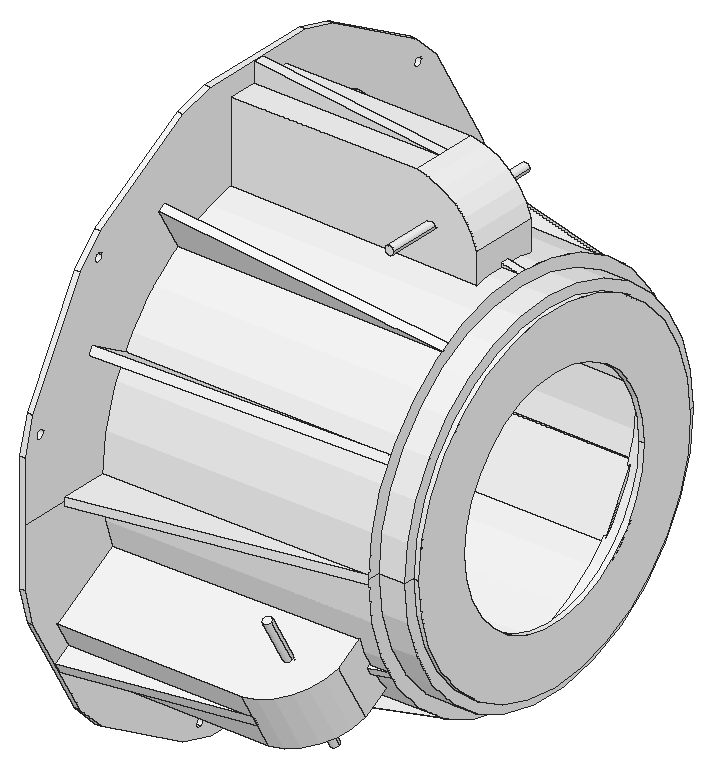
Revit family "L100-80S", category Pipe Accessories, Revit 2016
Family settings
  Part Type = Breaks Into
  Round Connector Dimension = Use Diameter
  Work Plane-Based = No
  Always vertical = No
  Cut with Voids When Loaded = No
  Shared = No
Parameters
  URL = "http://www.snapcollars.com"
  Model = "L80S-RR"
  Manufacturer = "Snap Fire Systems"
  Description = "The L80S-RR is a high-top, cast-in fire collar for concrete slabs 150mm and thicker."
Reference planes
  plane 1 "Center (Front/Back)": y = 0
  plane 2: z = 0
  plane 3 "Center (Left/Right)": x = -165
  plane 4: x = -230
  plane 5: x = -176.254
  plane 6: y = 90.593
  plane 7: y = -50
  plane 8: y = 100.593
  plane 9: y = -60
  plane 10: x = -195.933
  plane 11: x = -79.975
Forms (mm)
  Revolve 1, solid, material "PVC-White", detail levels medium+fine
    sketch origin (0, 0, 0) x (1, 0, 0) y (0, 1, 0)
      loop
        line (-227.967, -69.144) -> (-134.479, -68.001) -> (-134.479, -63.623) -> (-125, -63.623) -> (-125, -59.868) -> (-141.666, -59.594) -> (-141.666, -63.997) -> (-230, -65.169) -> (-230, -105) -> (-227.967, -105) -> (-227.967, -69.144)
      axis (-230, 0) -> (-125, 0)
    angle from 0 to 360
  Extrusion 2, void
    sketch origin (-227.967, 0, 0) x (0, 1, 0) y (0, 0, -1)
      loop
        line (-27.564, -102.871) -> (27.564, -102.871) -> (75.307, -75.307) -> (102.871, -27.564) -> (102.871, 27.564) -> (75.307, 75.307) -> (27.564, 102.871) -> (-27.564, 102.871) -> (-75.307, 75.307) -> (-102.871, 27.564) -> (-102.871, -27.564) -> (-75.307, -75.307) -> (-27.564, -102.871)
      loop
        circle (0, 0) r 118.785
    from 0 to 2.033
  Extrusion 3, void
    sketch origin (-227.967, 0, 0) x (0, 1, 0) y (0, 0, -1)
      loop
        circle (-70.697, -70.697) r 1.577
      loop
        circle (-96.574, -25.877) r 1.577
      loop
        circle (96.571, -25.888) r 1.577
      loop
        circle (70.689, -70.705) r 1.577
      loop
        circle (-25.877, 96.574) r 1.577
      loop
        circle (25.877, 96.574) r 1.577
    from 0 to 2.033
  Extrusion 4, solid, material "PVC-White", detail levels fine
    sketch origin (0, 0, 0) x (1, 0, 0) y (0, 0, 1)
      loop
        line (-134.479, 68.001) -> (-227.967, 86.048) -> (-227.967, 69.12) -> (-134.479, 68.001)
    from -1.5 to 1.5
  Extrusion 5, solid, material "PVC-White", detail levels medium+fine
    sketch origin (0, 0, 0) x (1, 0, 0) y (0, 0, 1)
      loop
        line (-227.967, 58.439) -> (-140.967, 58.439) -> (-140.967, 77.244)
        arc (-140.967, 77.244) -> (-148.679, 90.01) -> (-162.316, 96.048) r 24.811
        line (-162.316, 96.048) -> (-227.967, 96.048) -> (-227.967, 58.439)
    from -12 to 12
  Extrusion 6, solid, material "PVC-White", detail levels medium+fine
    sketch origin (0, 0, 0) x (1, 0, 0) y (0, -0.866025, -0.5)
      loop
        line (-227.967, 58.439) -> (-140.967, 58.439) -> (-140.967, 77.244)
        arc (-140.967, 77.244) -> (-148.679, 90.01) -> (-162.316, 96.048) r 24.811
        line (-162.316, 96.048) -> (-227.967, 96.048) -> (-227.967, 58.439)
    from -12 to 12
  Extrusion 7, solid, material "PVC-White", detail levels medium+fine
    sketch origin (0, 0, 0) x (1, 0, 0) y (0, 0.866025, -0.5)
      loop
        line (-227.967, 58.439) -> (-140.967, 58.439) -> (-140.967, 77.244)
        arc (-140.967, 77.244) -> (-148.679, 90.01) -> (-162.316, 96.048) r 24.811
        line (-162.316, 96.048) -> (-227.967, 96.048) -> (-227.967, 58.439)
    from -12 to 12
  Extrusion 8, solid, material "PVC-White", detail levels fine
    sketch origin (0, 0, 0) x (1, 0, 0) y (0, 0, 1)
      loop
        line (-227.967, 102.871) -> (-227.967, 96.048) -> (-162.316, 96.048) -> (-227.967, 102.871)
    from -2 to 2
  Extrusion 9, solid, material "PVC-White", detail levels fine
    sketch origin (0, 0, 0) x (1, 0, 0) y (0, 0.866025, -0.5)
      loop
        line (-227.967, 102.871) -> (-227.967, 96.048) -> (-162.316, 96.048) -> (-227.967, 102.871)
    from -2 to 2
  Extrusion 10, solid, material "PVC-White", detail levels fine
    sketch origin (0, 0, 0) x (1, 0, 0) y (0, -0.866025, -0.5)
      loop
        line (-227.967, 102.871) -> (-227.967, 96.048) -> (-162.316, 96.048) -> (-227.967, 102.871)
    from -2 to 2
  Extrusion 11, solid, material "PVC-White", not visible, detail levels fine
    sketch origin (0, 0, 0) x (1, 0, 0) y (0, 0, 1)
      loop
        line (-80, 60.418) -> (-227.967, 86.048) -> (-227.967, 69.12) -> (-80, 60.418)
    from -1.5 to 1.5
  Extrusion 12, solid, material "PVC-White", not visible, detail levels fine
    sketch origin (0, 0, 0) x (1, 0, 0) y (0, -0.5, 0.866025)
      loop
        line (-80, 60.418) -> (-227.967, 86.048) -> (-227.967, 69.12) -> (-80, 60.418)
    from -1.5 to 1.5
  Extrusion 13, solid, material "PVC-White", not visible, detail levels fine
    sketch origin (0, 0, 0) x (1, 0, 0) y (0, -0.866025, 0.5)
      loop
        line (-80, 60.418) -> (-227.967, 86.048) -> (-227.967, 69.12) -> (-80, 60.418)
    from -1.5 to 1.5
  Extrusion 14, solid, material "PVC-White", not visible, detail levels fine
    sketch origin (0, 0, 0) x (0, -1, 0) y (-1, 0, 0)
      loop
        line (60.418, 80) -> (86.048, 227.967) -> (69.12, 227.967) -> (60.418, 80)
    from -1.5 to 1.5
  Extrusion 15, solid, material "PVC-White", not visible, detail levels fine
    sketch origin (0, 0, 0) x (1, 0, 0) y (0, -0.866025, -0.5)
      loop
        line (-80, 60.418) -> (-227.967, 86.048) -> (-227.967, 69.12) -> (-80, 60.418)
    from -1.5 to 1.5
  Extrusion 16, solid, material "PVC-White", not visible, detail levels fine
    sketch origin (0, 0, 0) x (1, 0, 0) y (0, -0.5, -0.866025)
      loop
        line (-80, 60.418) -> (-227.967, 86.048) -> (-227.967, 69.12) -> (-80, 60.418)
    from -1.5 to 1.5
  Extrusion 17, solid, material "PVC-White", not visible, detail levels fine
    sketch origin (0, 0, 0) x (1, 0, 0) y (0, 0, -1)
      loop
        line (-80, 60.418) -> (-227.967, 86.048) -> (-227.967, 69.12) -> (-80, 60.418)
    from -1.5 to 1.5
  Extrusion 18, solid, material "PVC-White", not visible, detail levels fine
    sketch origin (0, 0, 0) x (1, 0, 0) y (0, 0.5, -0.866025)
      loop
        line (-80, 60.418) -> (-227.967, 86.048) -> (-227.967, 69.12) -> (-80, 60.418)
    from -1.5 to 1.5
  Extrusion 19, solid, material "PVC-White", not visible, detail levels fine
    sketch origin (0, 0, 0) x (1, 0, 0) y (0, 0.866025, -0.5)
      loop
        line (-80, 60.418) -> (-227.967, 86.048) -> (-227.967, 69.12) -> (-80, 60.418)
    from -1.5 to 1.5
  Extrusion 20, solid, material "PVC-White", not visible, detail levels fine
    sketch origin (0, 0, 0) x (1, 0, 0) y (0, 1, 0)
      loop
        line (-80, 60.418) -> (-227.967, 86.048) -> (-227.967, 69.12) -> (-80, 60.418)
    from -1.5 to 1.5
  Extrusion 21, solid, material "PVC-White", not visible, detail levels fine
    sketch origin (0, 0, 0) x (1, 0, 0) y (0, 0.866025, 0.5)
      loop
        line (-80, 60.418) -> (-227.967, 86.048) -> (-227.967, 69.12) -> (-80, 60.418)
    from -1.5 to 1.5
  Extrusion 22, solid, material "PVC-White", not visible, detail levels fine
    sketch origin (0, 0, 0) x (1, 0, 0) y (0, 0.5, 0.866025)
      loop
        line (-80, 60.418) -> (-227.967, 86.048) -> (-227.967, 69.12) -> (-80, 60.418)
    from -1.5 to 1.5
  Extrusion 23, solid, material "PVC-White", detail levels fine
    sketch origin (0, 0, 0) x (1, 0, 0) y (0, 0, 1)
      loop
        circle (-157.362, 79.878) r 1.5
    from -30 to 30
  Extrusion 24, solid, material "PVC-White", detail levels fine
    sketch origin (0, 0, 0) x (1, 0, 0) y (0, 0.866025, -0.5)
      loop
        circle (-157.362, 79.878) r 1.5
    from -30 to 30
  Extrusion 25, solid, material "PVC-White", detail levels fine
    sketch origin (0, 0, 0) x (1, 0, 0) y (0, -0.866025, -0.5)
      loop
        circle (-157.362, 79.878) r 1.5
    from -30 to 30
  Extrusion 26, solid, material "PVC-White", detail levels fine
    sketch origin (0, 0, 0) x (1, 0, 0) y (0, 0.5, 0.866025)
      loop
        line (-134.479, 68.001) -> (-227.967, 86.048) -> (-227.967, 69.12) -> (-134.479, 68.001)
    from -1.5 to 1.5
  Extrusion 27, solid, material "PVC-White", detail levels fine
    sketch origin (0, 0, 0) x (1, 0, 0) y (0, 0.866025, 0.5)
      loop
        line (-134.479, 68.001) -> (-227.967, 86.048) -> (-227.967, 69.12) -> (-134.479, 68.001)
    from -1.5 to 1.5
  Extrusion 28, solid, material "PVC-White", detail levels fine
    sketch origin (0, 0, 0) x (1, 0, 0) y (0, 1, 0)
      loop
        line (-134.479, 68.001) -> (-227.967, 86.048) -> (-227.967, 69.12) -> (-134.479, 68.001)
    from -1.5 to 1.5
  Extrusion 29, solid, material "PVC-White", detail levels fine
    sketch origin (0, 0, 0) x (1, 0, 0) y (0, 0.866025, -0.5)
      loop
        line (-134.479, 68.001) -> (-227.967, 86.048) -> (-227.967, 69.12) -> (-134.479, 68.001)
    from -1.5 to 1.5
  Extrusion 30, solid, material "PVC-White", detail levels fine
    sketch origin (0, 0, 0) x (1, 0, 0) y (0, 0.5, -0.866025)
      loop
        line (-134.479, 68.001) -> (-227.967, 86.048) -> (-227.967, 69.12) -> (-134.479, 68.001)
    from -1.5 to 1.5
  Extrusion 31, solid, material "PVC-White", detail levels fine
    sketch origin (0, 0, 0) x (1, 0, 0) y (0, 0, -1)
      loop
        line (-134.479, 68.001) -> (-227.967, 86.048) -> (-227.967, 69.12) -> (-134.479, 68.001)
    from -1.5 to 1.5
  Extrusion 32, solid, material "PVC-White", detail levels fine
    sketch origin (0, 0, 0) x (1, 0, 0) y (0, -0.5, -0.866025)
      loop
        line (-134.479, 68.001) -> (-227.967, 86.048) -> (-227.967, 69.12) -> (-134.479, 68.001)
    from -1.5 to 1.5
  Extrusion 33, solid, material "PVC-White", detail levels fine
    sketch origin (0, 0, 0) x (1, 0, 0) y (0, -0.866025, -0.5)
      loop
        line (-134.479, 68.001) -> (-227.967, 86.048) -> (-227.967, 69.12) -> (-134.479, 68.001)
    from -1.5 to 1.5
  Extrusion 34, solid, material "PVC-White", detail levels fine
    sketch origin (0, 0, 0) x (0, -1, 0) y (-1, 0, 0)
      loop
        line (68.001, 134.479) -> (86.048, 227.967) -> (69.12, 227.967) -> (68.001, 134.479)
    from -1.5 to 1.5
  Extrusion 35, solid, material "PVC-White", detail levels fine
    sketch origin (0, 0, 0) x (1, 0, 0) y (0, -0.866025, 0.5)
      loop
        line (-134.479, 68.001) -> (-227.967, 86.048) -> (-227.967, 69.12) -> (-134.479, 68.001)
    from -1.5 to 1.5
  Extrusion 36, solid, material "PVC-White", detail levels fine
    sketch origin (0, 0, 0) x (1, 0, 0) y (0, -0.5, 0.866025)
      loop
        line (-134.479, 68.001) -> (-227.967, 86.048) -> (-227.967, 69.12) -> (-134.479, 68.001)
    from -1.5 to 1.5
  Extrusion 37, solid, material "PVC-White"
    sketch origin (-125, 0, 0) x (0, -1, 0) y (0, 0, -1)
      loop
        circle (0, 0) r 40
      loop
        circle (0, 0) r 60
    from 0 to 2
Cuts and joins
  joined: Extrusion 5, Extrusion 6, Extrusion 7
  Extrusion 2, Extrusion 3 cuts Revolve 1
Dimensions and locks
  Extrusion 11 sketch curve to Extrusion 11 sketch curve = 0 mm
  Extrusion 12 sketch curve to Extrusion 12 sketch curve = 0 mm
  Extrusion 13 sketch curve to Extrusion 13 sketch curve = 0 mm
  Extrusion 14 sketch curve to Extrusion 14 sketch curve = 0 mm
  Extrusion 15 sketch curve to Extrusion 15 sketch curve = 0 mm
  Extrusion 16 sketch curve to Extrusion 16 sketch curve = 0 mm
  Extrusion 17 sketch curve to Extrusion 17 sketch curve = 0 mm
  Extrusion 18 sketch curve to Extrusion 18 sketch curve = 0 mm
  Extrusion 19 sketch curve to Extrusion 19 sketch curve = 0 mm
  Extrusion 20 sketch curve to Extrusion 20 sketch curve = 0 mm
  Extrusion 21 sketch curve to Extrusion 21 sketch curve = 0 mm
  Extrusion 22 sketch curve to Extrusion 22 sketch curve = 0 mm
  aligned and locked: level to plane 2
  aligned and locked: plane 1 "Center (Front/Back)" to Revolve 1 sketch curve
Connectors
  piping at (-195.933, 0, 0), diameter 80
    settings: on plane 10, index 4, connector inside diameter 609.6 mm, connector length 0 mm, flow factor 0, pipe flow 0.0 L/s, pressure drop 0.0 Pa, fitting loss kfactor 0, connector angle 0.00°, fixture units 0, engagement length 0 mm, angle of deflection 0.00°, flow configuration 0, flow direction 0, fitting loss method 0, system type 7, joint type 0, gender type 0, connector reference index -1, connector utility 0, adjustable connector no, is connector primary yes, connector description ""
  piping at (-176.254, 0, 0), diameter 80
    settings: on plane 5, index 5, connector inside diameter 609.6 mm, connector length 0 mm, flow factor 0, pipe flow 0.0 L/s, pressure drop 0.0 Pa, fitting loss kfactor 0, connector angle 0.00°, fixture units 0, engagement length 0 mm, angle of deflection 0.00°, flow configuration 0, flow direction 0, fitting loss method 0, system type 7, joint type 0, gender type 0, connector reference index -1, connector utility 0, adjustable connector no, is connector primary no, connector description ""
